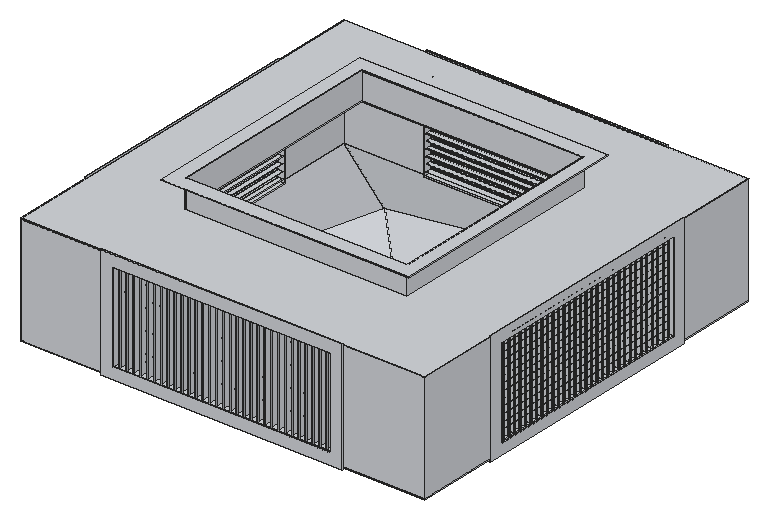
Revit family "FFPD", category Mechanical Equipment, Revit 2015
Parameters (values of type "FFPD-2410-12.5 (5000 cfm)")
  URL = "https://unitedenertech.com/catalog/pdf/H_6%20FFPD.pdf"
  Type Comments = "Consult Factory for Max. Sizes"
  T = 2' - 0"
  Model = "FFPD"
  Manufacturer = "United Enertech Corporation"
  Grille Length = 2' - 0"
  Grille Height = 0' - 10"
  F = 1' - 0"
  Description = "Flat Face Plenum Diffuser"
  B = 3' - 8"
Types (12): name | T | Grille Length | Grille Height | F | B
  (no name) | 2' - 0" | 2' - 0" | 0' - 10" | 1' - 0" | 3' - 8"
  FFPD-1408-5 (2000 cfm) | 1' - 2" | 1' - 2" | 0' - 8" | 0' - 10" | 2' - 10"
  FFPD-1608-6 (2400 cfm) | 1' - 4" | 1' - 4" | 0' - 8" | 0' - 10" | 3' - 0"
  FFPD-2008-7.5 (3000 cfm) | 1' - 8" | 1' - 8" | 0' - 8" | 0' - 10" | 3' - 4"
  FFPD-2010-8.5 (3400 cfm) | 1' - 8" | 1' - 8" | 0' - 10" | 1' - 0" | 3' - 4"
  FFPD-2210-10 (4000 cfm) | 1' - 10" | 1' - 10" | 0' - 10" | 1' - 0" | 3' - 6"
  FFPD-2410-12.5 (5000 cfm) | 2' - 0" | 2' - 0" | 0' - 10" | 1' - 0" | 3' - 8"
  FFPD-2810-15 (6000 cfm) | 2' - 4" | 2' - 4" | 0' - 10" | 1' - 0" | 4' - 0"
  FFPD-3016-20 (8000 cfm) | 2' - 6" | 2' - 6" | 1' - 4" | 1' - 6" | 4' - 2"
  FFPD-3616-25 (10000 cfm) | 3' - 0" | 3' - 0" | 1' - 4" | 1' - 6" | 4' - 8"
  FFPD-3818-30 (12000 cfm) | 3' - 2" | 3' - 2" | 1' - 6" | 1' - 8" | 4' - 10"
  FFPD-3820-40 (15000 cfm) | 3' - 4" | 3' - 4" | 1' - 8" | 1' - 10" | 5' - 0"
Reference planes (in)
  plane 1 "Center (Front/Back)": y = 0
  plane 2: z = 0
  plane 3 "Center (Left/Right)": x = 0
  plane 4: x = -12
  plane 5: y = -12
  plane 6: x = 12
  plane 7: y = 12
  plane 8: x = -13.5
  plane 9: y = -13.5
  plane 10: x = 13.5
  plane 11: y = 13.5
  plane 12: y = -22
  plane 13: x = -22
  plane 14: x = 22
  plane 15: y = 22
  plane 16: y = 21.9522
  plane 17: x = -21.9522
  plane 18: y = -21.9522
  plane 19: x = 21.9522
  plane 20: x = -12.0478
  plane 21: y = 12.0478
  plane 22: y = -12.0478
  plane 23: x = 12.0478
  plane 24: z = 12
  plane 25: z = 11.9522
  plane 26: z = 0.0478
  plane 27: z = 15
  plane 28: z = 14.9522
  plane 29: z = 6
  plane 30: z = 11
  plane 31: z = 1
  plane 32: x = -12
  plane 33: x = 12
  plane 34: y = 12
  plane 35: y = -12
  plane 36: y = 0.0625
  plane 37: x = -0.0625
  plane 38: y = -0.0625
  plane 39: x = 0.0625
Forms (in)
  Extrusion 1, solid
    sketch origin (0, 0, 0) x (1, 0, 0) y (0, 1, 0)
      loop
        line (-13.5, 13.5) -> (-13.5, -13.5) -> (13.5, -13.5) -> (13.5, 13.5) -> (-13.5, 13.5)
      loop
        line (-12, -12) -> (12, -12) -> (12, 12) -> (-12, 12) -> (-12, -12)
    from 14.9522 to 15
  Extrusion 2, solid
    sketch origin (0, 0, 0) x (1, 0, 0) y (0, 1, 0)
      loop
        line (-12.0478, -12.0478) -> (12.0478, -12.0478) -> (12.0478, 12.0478) -> (-12.0478, 12.0478) -> (-12.0478, -12.0478)
      loop
        line (-12, -12) -> (12, -12) -> (12, 12) -> (-12, 12) -> (-12, -12)
    from 12 to 14.9522
  Extrusion 3, solid
    sketch origin (0, 0, 0) x (1, 0, 0) y (0, 1, 0)
      loop
        line (-12, -12) -> (12, -12) -> (12, 12) -> (-12, 12) -> (-12, -12)
      loop
        line (-22, -22) -> (22, -22) -> (22, 22) -> (-22, 22) -> (-22, -22)
    from 11.9522 to 12
  Extrusion 4, solid
    sketch origin (0, 0, 0) x (1, 0, 0) y (0, 1, 0)
      loop
        line (-22, -22) -> (22, -22) -> (22, 22) -> (-22, 22) -> (-22, -22)
    from 0 to 0.0478
  Extrusion 5, solid
    sketch origin (0, 0, 0) x (1, 0, 0) y (0, 1, 0)
      loop
        line (-22, -22) -> (22, -22) -> (22, 22) -> (-22, 22) -> (-22, -22)
      loop
        line (-21.9522, -21.9522) -> (21.9522, -21.9522) -> (21.9522, 21.9522) -> (-21.9522, 21.9522) -> (-21.9522, -21.9522)
    from 0.0478 to 11.9522
  Extrusion 6, void
    sketch origin (0, 0, 0) x (1, 0, 0) y (0, 0, 1)
      loop
        line (-12, 11) -> (-12, 1) -> (12, 1) -> (12, 11) -> (-12, 11)
    from -22 to 22
  Extrusion 7, void
    sketch origin (0, 0, 0) x (0, 1, 0) y (0, 0, 1)
      loop
        line (12, 1) -> (12, 11) -> (-12, 11) -> (-12, 1) -> (12, 1)
    from -22 to 22
  Blend 8, solid
    base sketch origin (0, 0, 0) x (1, 0, 0) y (0, 1, 0)
      loop
        line (-21.9522, -21.9522) -> (21.9522, -21.9522) -> (21.9522, 21.9522) -> (-21.9522, 21.9522) -> (-21.9522, -21.9522)
    top sketch origin (0, 0, 0) x (1, 0, 0) y (0, 1, 0)
      loop
        line (-0.0625, -0.0625) -> (0.0625, -0.0625) -> (0.0625, 0.0625) -> (-0.0625, 0.0625) -> (-0.0625, -0.0625)
    from 0.0478 to 11
Cuts and joins
  Extrusion 6, Extrusion 7 cuts Extrusion 5
Dimensions and locks (in)
  equal spacing: plane 4, plane 3 "Center (Left/Right)", plane 6
  "T": plane 4 to plane 6
  equal spacing: plane 7, plane 1 "Center (Front/Back)", plane 5
  "T": plane 7 to plane 5
  locked: plane 11 to plane 7 at 1.5
  locked: plane 5 to plane 9 at 1.5
  locked: plane 6 to plane 10 at 1.5
  locked: plane 8 to plane 4 at 1.5
  equal spacing: plane 15, plane 1 "Center (Front/Back)", plane 12
  "B": plane 15 to plane 12
  equal spacing: plane 13, plane 3 "Center (Left/Right)", plane 14
  "B": plane 13 to plane 14
  locked: plane 12 to plane 18 at 0.0478
  locked: plane 15 to plane 16 at 0.0478
  locked: plane 19 to plane 14 at 0.0478
  locked: plane 13 to plane 17 at 0.0478
  locked: plane 20 to plane 4 at 0.0478
  locked: plane 6 to plane 23 at 0.0478
  locked: plane 21 to plane 7 at 0.0478
  locked: plane 22 to plane 5 at 0.0478
  "F": plane 24 to level
  locked: plane 24 to plane 25 at 0.0478
  locked: plane 26 to level at 0.0478
  locked: plane 27 to plane 28 at 0.0478
  locked: plane 27 to plane 24 at 3
  equal spacing: plane 24, plane 29, level
  equal spacing: plane 30, plane 29, plane 31
  "Grille Height": plane 30 to plane 31
  equal spacing: plane 32, plane 3 "Center (Left/Right)", plane 33
  "Grille Length": plane 32 to plane 33
  equal spacing: plane 34, plane 1 "Center (Front/Back)", plane 35
  "Grille Length": plane 34 to plane 35
  locked: plane 1 "Center (Front/Back)" to plane 36 at 0.0625
  locked: plane 1 "Center (Front/Back)" to plane 38 at 0.0625
  locked: plane 37 to plane 3 "Center (Left/Right)" at 0.0625
  locked: plane 3 "Center (Left/Right)" to plane 39 at 0.0625
  aligned and locked: level to plane 2
  aligned and locked: plane 8 to Extrusion 1 sketch curve
  aligned and locked: plane 11 to Extrusion 1 sketch curve
  aligned and locked: plane 10 to Extrusion 1 sketch curve
  aligned and locked: plane 9 to Extrusion 1 sketch curve
  aligned and locked: Extrusion 1 sketch curve to plane 4
  aligned and locked: plane 7 to Extrusion 1 sketch curve
  aligned and locked: Extrusion 1 sketch curve to plane 5
  aligned and locked: Extrusion 1 sketch curve to plane 6
  aligned and locked: plane 27 to Extrusion 1
  aligned and locked: Extrusion 1 to plane 28
  aligned and locked: plane 20 to Extrusion 2 sketch curve
  aligned and locked: plane 21 to Extrusion 2 sketch curve
  aligned and locked: plane 23 to Extrusion 2 sketch curve
  aligned and locked: plane 22 to Extrusion 2 sketch curve
  aligned and locked: Extrusion 2 sketch curve to plane 5
  aligned and locked: Extrusion 2 sketch curve to plane 6
  aligned and locked: Extrusion 2 sketch curve to plane 4
  aligned and locked: plane 7 to Extrusion 2 sketch curve
  aligned and locked: plane 28 to Extrusion 2
  aligned and locked: Extrusion 2 to plane 24
  aligned and locked: Extrusion 3 sketch curve to plane 4
  aligned and locked: Extrusion 3 sketch curve to plane 5
  aligned and locked: Extrusion 3 sketch curve to plane 6
  aligned and locked: plane 7 to Extrusion 3 sketch curve
  aligned and locked: Extrusion 3 sketch curve to plane 15
  aligned and locked: Extrusion 3 sketch curve to plane 13
  aligned and locked: Extrusion 3 sketch curve to plane 12
  aligned and locked: Extrusion 3 sketch curve to plane 14
  aligned and locked: plane 24 to Extrusion 3
  aligned and locked: Extrusion 3 to plane 25
  aligned and locked: Extrusion 4 sketch curve to plane 13
  aligned and locked: Extrusion 4 sketch curve to plane 12
  aligned and locked: Extrusion 4 sketch curve to plane 15
  aligned and locked: Extrusion 4 sketch curve to plane 14
  aligned and locked: plane 26 to Extrusion 4
  aligned and locked: Extrusion 4 to level
  aligned and locked: Extrusion 5 sketch curve to plane 13
  aligned and locked: Extrusion 5 sketch curve to plane 15
  aligned and locked: Extrusion 5 sketch curve to plane 17
  aligned and locked: plane 16 to Extrusion 5 sketch curve
  aligned and locked: Extrusion 5 sketch curve to plane 14
  aligned and locked: Extrusion 5 sketch curve to plane 19
  aligned and locked: plane 18 to Extrusion 5 sketch curve
  aligned and locked: Extrusion 5 sketch curve to plane 12
  aligned and locked: plane 25 to Extrusion 5
  aligned and locked: Extrusion 5 to plane 26
  aligned and locked: plane 31 to Extrusion 6 sketch curve
  aligned and locked: Extrusion 6 sketch curve to plane 30
  aligned and locked: Extrusion 6 sketch curve to plane 32
  aligned and locked: plane 33 to Extrusion 6 sketch curve
  aligned and locked: Extrusion 6 to plane 12
  aligned and locked: Extrusion 6 to plane 15
  aligned and locked: plane 30 to Extrusion 7 sketch curve
  aligned and locked: Extrusion 7 sketch curve to plane 31
  aligned and locked: plane 34 to Extrusion 7 sketch curve
  aligned and locked: Extrusion 7 sketch curve to plane 35
  aligned and locked: Extrusion 7 to plane 13
  aligned and locked: Extrusion 7 to plane 14
  aligned and locked: Blend 8 sketch curve to plane 17
  aligned and locked: plane 18 to Blend 8 sketch curve
  aligned and locked: Blend 8 sketch curve to plane 19
  aligned and locked: plane 16 to Blend 8 sketch curve
  aligned and locked: Blend 8 sketch curve to plane 37
  aligned and locked: Blend 8 sketch curve to plane 36
  aligned and locked: Blend 8 sketch curve to plane 39
  aligned and locked: Blend 8 sketch curve to plane 38
  aligned and locked: Blend 8 to plane 26
  aligned and locked: plane 30 to Blend 8
  aligned and locked: plane 3 "Center (Left/Right)" to nested 1
  aligned and locked: plane 12 to nested 1
  aligned and locked: plane 29 to nested 1
  aligned and locked: nested 2 to plane 3 "Center (Left/Right)"
  aligned and locked: plane 1 "Center (Front/Back)" to nested 3
  aligned and locked: nested 4 to plane 1 "Center (Front/Back)"
  aligned and locked: plane 13 to nested 3
  aligned and locked: nested 4 to plane 14
  aligned and locked: nested 2 to plane 15
  aligned and locked: nested 2 to plane 29
  aligned and locked: nested 4 to plane 29
  aligned and locked: plane 29 to nested 3
Nested families (in)
  nested 1: "Double Diffuser Grille" at (0, -20.375, 5.975), type "Double Diffuser Grille"
    with Vert. Spacing 0' - 0 3/4", Vert. Number 16, Vert. Blade Height 0' - 9 5/8", Horiz. Spacing 0' - 0 3/4", Horiz. Number 7, Horiz. Blade Width 1' - 11 5/8", Grille Width 2' - 0", Grille Height 0' - 10"
  nested 2: "Double Diffuser Grille" at (0, 20.375, 5.975), type "Double Diffuser Grille"
    with Vert. Spacing 0' - 0 3/4", Vert. Number 16, Vert. Blade Height 0' - 9 5/8", Horiz. Spacing 0' - 0 3/4", Horiz. Number 7, Horiz. Blade Width 1' - 11 5/8", Grille Width 2' - 0", Grille Height 0' - 10"
  nested 3: "Double Diffuser Grille" at (-20.375, 0, 5.975) x (0, -1, 0) z (0, 0, 1), type "Double Diffuser Grille"
    with Vert. Spacing 0' - 0 3/4", Vert. Number 16, Vert. Blade Height 0' - 9 5/8", Horiz. Spacing 0' - 0 3/4", Horiz. Number 7, Horiz. Blade Width 1' - 11 5/8", Grille Width 2' - 0", Grille Height 0' - 10"
  nested 4: "Double Diffuser Grille" at (20.375, 0, 5.975) x (0, -1, 0) z (0, 0, 1), type "Double Diffuser Grille"
    with Vert. Spacing 0' - 0 3/4", Vert. Number 16, Vert. Blade Height 0' - 9 5/8", Horiz. Spacing 0' - 0 3/4", Horiz. Number 7, Horiz. Blade Width 1' - 11 5/8", Grille Width 2' - 0", Grille Height 0' - 10"
Definition of nested family "Double Diffuser Grille"
  Parameters (values of type "Double Diffuser Grille")
    Vert. Spacing [instance] = 0' - 0 3/4"
    Vert. Number [instance] = ((Grille Width - 0' 0 1/4") / 0' 0 3/4") / 2  # 12
    Vert. Blade Height [instance] = Grille Height - 0' 0 3/8"  # 0' - 5 5/8"
    Horiz. Spacing [instance] = 0' - 0 3/4"
    Horiz. Number [instance] = ((Grille Height - 0' 0 1/4") / 0' 0 3/4") / 2  # 4
    Horiz. Blade Width [instance] = Grille Width - 0' 0 3/8"  # 1' - 5 5/8"
    Grille Width = 1' - 6"
    Grille Height = 0' - 6"
  Reference planes (in)
    plane 1 "Center (Front/Back)": y = 0
    plane 2: z = 0
    plane 3 "Center (Left/Right)": x = 0
    plane 4: y = -1.75
    plane 5: y = -1.625
    plane 6: x = -9
    plane 7: x = 9
    plane 8: z = -3
    plane 9: z = 3
    plane 10: x = -8.875
    plane 11: z = 2.875
    plane 12: z = -2.875
    plane 13: x = 8.875
    plane 14: x = 10.125
    plane 15: z = -4.125
    plane 16: z = 4.125
    plane 17: x = -10.125
    plane 18: y = -0.8125
  Forms (in)
    Extrusion 1, solid
      sketch origin (0, 0, 0) x (1, 0, 0) y (0, 0, 1)
        loop
          line (-9, -3) -> (9, -3) -> (9, 3) -> (-9, 3) -> (-9, -3)
        loop
          line (-8.875, -2.875) -> (8.875, -2.875) -> (8.875, 2.875) -> (-8.875, 2.875) -> (-8.875, -2.875)
      from 0 to 1.625
    Extrusion 2, solid
      sketch origin (0, 0, 0) x (1, 0, 0) y (0, 0, 1)
        loop
          line (-10.125, -4.125) -> (10.125, -4.125) -> (10.125, 4.125) -> (-10.125, 4.125) -> (-10.125, -4.125)
        loop
          line (-8.875, -2.875) -> (8.875, -2.875) -> (8.875, 2.875) -> (-8.875, 2.875) -> (-8.875, -2.875)
      from 1.625 to 1.75
  Dimensions and locks (in)
    locked: plane 5 to plane 4 at 0.125
    locked: plane 1 "Center (Front/Back)" to plane 5 at 1.625
    equal spacing: plane 9, level, plane 8
    "Grille Height": plane 9 to plane 8
    equal spacing: plane 6, plane 3 "Center (Left/Right)", plane 7
    "Grille Width": plane 6 to plane 7
    locked: plane 9 to plane 11 at 0.125
    locked: plane 12 to plane 8 at 0.125
    locked: plane 6 to plane 10 at 0.125
    locked: plane 7 to plane 13 at 0.125
    locked: plane 16 to plane 9 at 1.125
    locked: plane 8 to plane 15 at 1.125
    locked: plane 6 to plane 17 at 1.125
    locked: plane 14 to plane 7 at 1.125
    locked: plane 1 "Center (Front/Back)" to plane 18 at 0.8125
    equal spacing: group 1, group 2, group 4, group 5, group 6, group 7, group 8, group 9, group 10, group 11, group 12, group 13  (x3)
    "Vert. Spacing": nested 1 to nested 3
    equal spacing: group 23, group 22, group 21, group 20, group 19, group 18, group 17, group 16, group 15, group 14, group 3, group 1
    equal spacing: group 1, group 3, group 14, group 15, group 16, group 17, group 18, group 19, group 20, group 21, group 22, group 23  (x2)
    "Vert. Spacing": nested 4 to nested 1
    equal spacing: group 24, group 25, group 27, group 28  (x3)
    "Horiz. Spacing": nested 25 to nested 2
    equal spacing: group 24, group 26, group 29, group 30  (x2)
    equal spacing: group 30, group 29, group 26, group 24
    "Horiz. Spacing": nested 2 to nested 26
    aligned and locked: level to plane 2
    aligned and locked: plane 6 to Extrusion 1 sketch curve
    aligned and locked: plane 9 to Extrusion 1 sketch curve
    aligned and locked: Extrusion 1 sketch curve to plane 8
    aligned and locked: plane 7 to Extrusion 1 sketch curve
    aligned and locked: plane 13 to Extrusion 1 sketch curve
    aligned and locked: plane 12 to Extrusion 1 sketch curve
    aligned and locked: plane 10 to Extrusion 1 sketch curve
    aligned and locked: plane 11 to Extrusion 1 sketch curve
    aligned and locked: Extrusion 1 to plane 1 "Center (Front/Back)"
    aligned and locked: Extrusion 1 to plane 5
    aligned and locked: Extrusion 2 sketch curve to plane 17
    aligned and locked: plane 16 to Extrusion 2 sketch curve
    aligned and locked: Extrusion 2 sketch curve to plane 14
    aligned and locked: plane 15 to Extrusion 2 sketch curve
    aligned and locked: plane 12 to Extrusion 2 sketch curve
    aligned and locked: plane 13 to Extrusion 2 sketch curve
    aligned and locked: plane 11 to Extrusion 2 sketch curve
    aligned and locked: plane 10 to Extrusion 2 sketch curve
    aligned and locked: plane 5 to Extrusion 2
    aligned and locked: Extrusion 2 to plane 4
    aligned and locked: nested 1 to plane 5
    aligned and locked: nested 1 to plane 3 "Center (Left/Right)"
    aligned and locked: nested 2 to plane 18
    aligned and locked: plane 3 "Center (Left/Right)" to nested 2
  Nested families (in)
    nested 1: "Vertical Blade" at (-0.08237, -1.625, 0), type "Vertical Blade"
      with H 0' - 5 5/8"
    nested 2: "Horizontal Blade" at (0, -0.8125, 0), type "Horizontal Blade"
      with L 1' - 5 5/8"
    nested 3: "Vertical Blade" at (0.66763, -1.625, 0), type "Vertical Blade"
      with H 0' - 5 5/8"
    nested 4: "Vertical Blade" at (-0.83237, -1.625, 0), type "Vertical Blade"
      with H 0' - 5 5/8"
    nested 5: "Vertical Blade" at (1.41763, -1.625, 0), type "Vertical Blade"
      with H 0' - 5 5/8"
    nested 6: "Vertical Blade" at (2.16763, -1.625, 0), type "Vertical Blade"
      with H 0' - 5 5/8"
    nested 7: "Vertical Blade" at (2.91763, -1.625, 0), type "Vertical Blade"
      with H 0' - 5 5/8"
    nested 8: "Vertical Blade" at (3.66763, -1.625, 0), type "Vertical Blade"
      with H 0' - 5 5/8"
    nested 9: "Vertical Blade" at (4.41763, -1.625, 0), type "Vertical Blade"
      with H 0' - 5 5/8"
    nested 10: "Vertical Blade" at (5.16763, -1.625, 0), type "Vertical Blade"
      with H 0' - 5 5/8"
    nested 11: "Vertical Blade" at (5.91763, -1.625, 0), type "Vertical Blade"
      with H 0' - 5 5/8"
    nested 12: "Vertical Blade" at (6.66763, -1.625, 0), type "Vertical Blade"
      with H 0' - 5 5/8"
    nested 13: "Vertical Blade" at (7.41763, -1.625, 0), type "Vertical Blade"
      with H 0' - 5 5/8"
    nested 14: "Vertical Blade" at (8.16763, -1.625, 0), type "Vertical Blade"
      with H 0' - 5 5/8"
    nested 15: "Vertical Blade" at (-1.58237, -1.625, 0), type "Vertical Blade"
      with H 0' - 5 5/8"
    nested 16: "Vertical Blade" at (-2.33237, -1.625, 0), type "Vertical Blade"
      with H 0' - 5 5/8"
    nested 17: "Vertical Blade" at (-3.08237, -1.625, 0), type "Vertical Blade"
      with H 0' - 5 5/8"
    nested 18: "Vertical Blade" at (-3.83237, -1.625, 0), type "Vertical Blade"
      with H 0' - 5 5/8"
    nested 19: "Vertical Blade" at (-4.58237, -1.625, 0), type "Vertical Blade"
      with H 0' - 5 5/8"
    nested 20: "Vertical Blade" at (-5.33237, -1.625, 0), type "Vertical Blade"
      with H 0' - 5 5/8"
    nested 21: "Vertical Blade" at (-6.08237, -1.625, 0), type "Vertical Blade"
      with H 0' - 5 5/8"
    nested 22: "Vertical Blade" at (-6.83237, -1.625, 0), type "Vertical Blade"
      with H 0' - 5 5/8"
    nested 23: "Vertical Blade" at (-7.58237, -1.625, 0), type "Vertical Blade"
      with H 0' - 5 5/8"
    nested 24: "Vertical Blade" at (-8.33237, -1.625, 0), type "Vertical Blade"
      with H 0' - 5 5/8"
    nested 25: "Horizontal Blade" at (0, -0.8125, 0.75), type "Horizontal Blade"
      with L 1' - 5 5/8"
    nested 26: "Horizontal Blade" at (0, -0.8125, -0.75), type "Horizontal Blade"
      with L 1' - 5 5/8"
    nested 27: "Horizontal Blade" at (0, -0.8125, 1.5), type "Horizontal Blade"
      with L 1' - 5 5/8"
    nested 28: "Horizontal Blade" at (0, -0.8125, 2.25), type "Horizontal Blade"
      with L 1' - 5 5/8"
    nested 29: "Horizontal Blade" at (0, -0.8125, -1.5), type "Horizontal Blade"
      with L 1' - 5 5/8"
    nested 30: "Horizontal Blade" at (0, -0.8125, -2.25), type "Horizontal Blade"
      with L 1' - 5 5/8"
  Definition of nested family "Vertical Blade"
    Parameters (values of type "Vertical Blade")
      H = 2' - 0"
    Reference planes (in)
      plane 1 "Center (Front/Back)": y = 0
      plane 2: z = 0
      plane 3 "Center (Left/Right)": x = 0
      plane 4: z = 12
      plane 5: z = -12
    Forms (in)
      Extrusion 1, solid
        sketch origin (0, -0.05958, 0) x (1, 0, 0) y (0, 1, 0)
          loop
            arc (0.08237, 0.17216) -> (0.04492, 0.11716) -> (0.07825, 0.05958) r 0.0625
            line (0.07825, 0.05958) -> (0.1365, 0.05958)
            arc (0.1365, 0.05958) -> (0.16983, 0.11716) -> (0.13237, 0.17216) r 0.0625
            line (0.13237, 0.17216) -> (0.13237, 0.80238) -> (0.08237, 0.80238) -> (0.08237, 0.17216)
        from -12 to 12
    Dimensions and locks (in)
      equal spacing: plane 4, level, plane 5
      "H": plane 4 to plane 5
      aligned and locked: level to plane 2
      aligned and locked: plane 4 to Extrusion 1
      aligned and locked: Extrusion 1 to plane 5
    Automatic sketch dimensions
      Extrusion 1 sketch curve to Extrusion 1 sketch curve = 0' - 0"  (x2)
      plane 1 "Center (Front/Back)" to Extrusion 1 sketch curve = 0' - 0"
      plane 3 "Center (Left/Right)" to Extrusion 1 sketch curve = 0' - 0.07825"
      plane 3 "Center (Left/Right)" to Extrusion 1 sketch curve = 0' - 0.08237"
      Extrusion 1 sketch curve to Extrusion 1 sketch curve = 0' - 0.02912"
      Extrusion 1 sketch curve to Extrusion 1 sketch curve = 0' - 0.05"
      Extrusion 1 sketch curve to Extrusion 1 sketch curve = 0' - 0.05825"
      Extrusion 1 sketch curve to plane 1 "Center (Front/Back)" = 0' - 0.0553"
      Extrusion 1 sketch curve to Extrusion 1 sketch curve = 0' - 0.63022"
  Definition of nested family "Horizontal Blade"
    Parameters (values of type "Horizontal Blade")
      L = 3' - 0"
    Reference planes (in)
      plane 1 "Center (Front/Back)": y = 0
      plane 2: z = 0
      plane 3 "Center (Left/Right)": x = 0
      plane 4: x = -18
      plane 5: x = 18
    Forms (in)
      Extrusion 1, solid
        sketch origin (0.10737, -0.05958, -0.10737) x (0, 0, 1) y (0, 1, 0)
          loop
            arc (0.08237, 0.17216) -> (0.04492, 0.11716) -> (0.07825, 0.05958) r 0.0625
            line (0.07825, 0.05958) -> (0.1365, 0.05958)
            arc (0.1365, 0.05958) -> (0.16983, 0.11716) -> (0.13237, 0.17216) r 0.0625
            line (0.13237, 0.17216) -> (0.13237, 0.80238) -> (0.08237, 0.80238) -> (0.08237, 0.17216)
        from -17.89263 to 18.10737
    Dimensions and locks (in)
      equal spacing: plane 4, plane 3 "Center (Left/Right)", plane 5
      "L": plane 4 to plane 5
      aligned and locked: level to plane 2
      aligned and locked: plane 4 to Extrusion 1
      aligned and locked: plane 5 to Extrusion 1
    Automatic sketch dimensions
      Extrusion 1 sketch curve to Extrusion 1 sketch curve = 0' - 0"  (x2)
      Extrusion 1 sketch curve to plane 1 "Center (Front/Back)" = 0' - 0"
      Extrusion 1 sketch curve to level = 0' - 0"
      Extrusion 1 sketch curve to level = 0' - 0.025"
      Extrusion 1 sketch curve to level = 0' - 0.02912"
      level to Extrusion 1 sketch curve = 0' - 0.025"
      level to Extrusion 1 sketch curve = 0' - 0.02912"
      Extrusion 1 sketch curve to plane 1 "Center (Front/Back)" = 0' - 0.0553"
      Extrusion 1 sketch curve to Extrusion 1 sketch curve = 0' - 0.63022"
